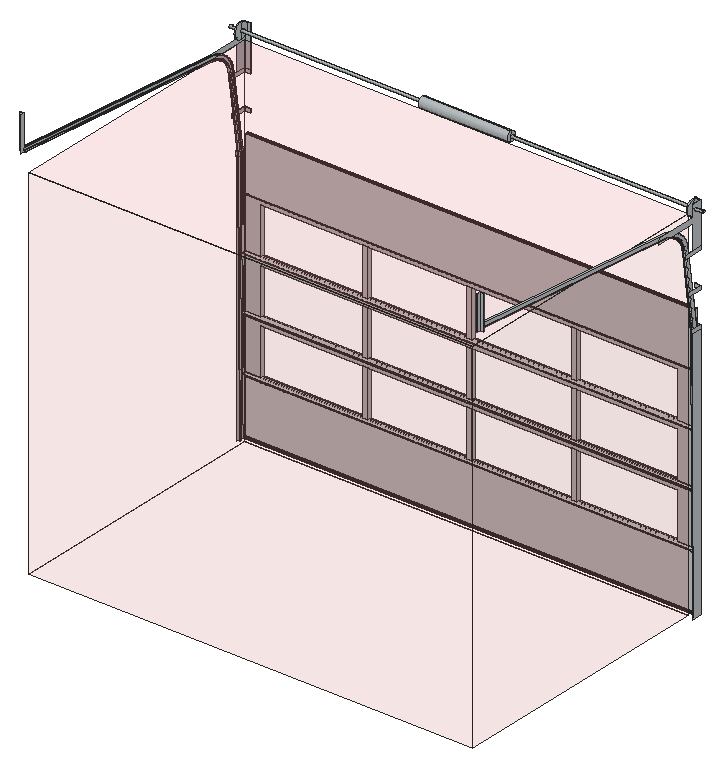
Revit family "Door_SectionalOverhead_RW_Alumatite-HighLift", category Doors, host Wall, Revit 2026
Family settings
  Host = Wall
  Classification Number = 23.30.10.17.37.14
  Always vertical = Yes
  Cut with Voids When Loaded = No
  Shared = No
  Room Calculation Point = No
Parameters (values of type "ByType")
  Wind Load = ""
  Water Penetration = ""
  Track Backroom [instance] = Height * cos(Pitch)  # 9' - 1.58142"
  Track Headroom [instance] = 12' - 2"
  Sway Brace Height [instance] = 1' - 0"
  Standard Top [instance] = not(Solid Top Panel)  # no
  Standard Bottom [instance] = not(Solid Bottom Panel)  # no
  Spring Width = Width + 1' 0"  # 16' - 0"
  Spring Length = 3' - 0"
  Spring Ht [instance] = Height + High Lift + 0' 3"  # 12' - 5"
  Sound Transmission Class (STC) = 0
  Solid Top Panel [instance] = yes
  Solid Bottom Panel [instance] = yes
  Shaft Diameter = 0' - 1"
  Revision = "R1_12-2011"
  RO Offset = 0' - 0"
  Pitch [instance] = 5.00°
  Panels = if(Height < 8' 2", 4, if(Height < 10' 2", 5, if(Height < 12' 2", 6, if(Height < 14' 2", 7, 8))))  # 5
  Panel Material - Interior = Metal - Steel - Richards Wilcox - Painted - Silver - Ribbed
  Panel Material - Exterior = Metal - Steel - Richards Wilcox - Painted - Silver - Multi-Rib
  Panel Height = Height / Panels  # 1' - 10"
  Include Generic Ceiling Angle [instance] = yes
  High Lift [instance] = 3' - 0"
  Hardware Finish = Metal - Steel - Richards Wilcox - Galvanized
  Glass Thickness [instance] = 0' - 0 1/2"
  Function = Interior
  Frame Thickness = 0' - 4 3/4"
  Double End Roller Brackets [instance] = yes
  Door Glazing = Glazing - Richards Wilcox - Clear
  Define Thermal Properties by = Schematic Type
  Curve Radius = 1' - 0"
  Clearance Visible [instance] = yes
  Clearance Material [instance] = Clearance
  CE Compliant = no
  Building Code Conformance = ""
  ArrayPanels [instance] = Panels - 2  # 3
  Analytic Construction = "<None>"
  Aluminum Material = Metal - Aluminum - Richards Wilcox - Anodized - Clear
  Air Infiltration = ""
  ASTM Conformance = ""
  Panel Width = Width + 0' 2"  # 15' - 2"
  Manufacturer Phone = "905-625-0037 "
  Warranty Duration (Years) = 0
  URL = "http://www.rwdoors.com/"
  Thickness = 0' - 1 1/2"
  Test Data = ""
  Specification = "http://www.arcat.com/sd/clients/richwilc.html?coid=43101"
  SpecWizard = "http://www.arcat.com/specwizard/clients/richwilc.html?coid=43101"
  Send Message = "http://www.arcat.com/users.pl?action=UserEmail&company=Richards-Wilcox%20Canada&coid=43101&rep=119&fax=905-625-0057&mf="
  Sales Information = "http://www.rwdoors.com/residential/en/contact.php"
  Rough Width = (Width + (RO Offset * 2))  # 15' - 0"
  Rough Height = (Height + (RO Offset))  # 9' - 2"
  R_Value = 0
  Product Properties = ""
  Product Data = "http://www.arcat.com/arcatcos/cos43/arc43101.html"
  Manufacturer Website = "http://www.rwdoors.com/"
  Manufacturer Phone - Toll Free = ""
  Manufacturer Fax = "905-625-0057"
  Manufacturer Address = "5100 Timberlea Blvd. Mississauga, ON Canada L4W 2S5\r\n"
  Maintenance Schedule (Months) = 0
  Installation-Fabrication = "http://www.rwdoors.com/"
  Installation Phase = ""
  Green Building-LEED = "http://www.arcat.com/green/clients/leed_data_43101.html"
  Model = "As Specified"
  Manufacturer = "Richards-Wilcox Canada"
  Keynote = "08360"
  Height = 9' - 2"
  Wall Closure = By host
  Width = 15' - 0"
  Fire Rating = ""
  Expected Lifespan (Years) = 0
  Drawn By = "Sumex Design, Inc. / Robert S. Weygant, CSI, CDT, SCIP"
  Description = "Richards-Wilcox Overhead Door as Specified"
  Copyright = "©Arcat Inc."
  Construction Details = "http://www.arcat.com/details/richwilc/richwilc.html?coid=43101"
  Building Codes = ""
  Assembly Code = "B2030410"
  ADA Compliant = yes
  AAMA Designation = ""
  3in Track [instance] = no
Reference planes (in)
  plane 1 "Center (Front/Back)": y = -33.96225
  plane 2 "Center (Left/Right)": x = 64.28704
  plane 3: z = 0
  plane 4 "Right": x = 154.28704
  plane 5 "Left": x = -25.71296
  plane 6: z = 0
  plane 7 "Top of Frame": z = 110
  plane 8 "RO Top": z = 110
  plane 9 "RO Right": x = 154.28704
  plane 10 "RO Left": x = -25.71296
  plane 11 "Exterior Wall Face": y = -30.96225
  plane 12 "Interior Wall Face": y = -36.96225
  plane 13: y = -37.08725
  plane 14: z = 23
  plane 15: z = 45
  plane 16: z = 1
  plane 17: y = -39.96225
  plane 18: z = 146
  plane 19: y = -149.54366
Forms (in)
  Extrusion 1, solid, material "Rubber - Richards Wilcox - Black"
    sketch origin (-25.71296, 0, 0) x (0, 0, 1) y (0, 1, 0)
      loop
        arc (0.625, -37.21225) -> (0, -37.83725) -> (0.625, -38.46225) r 0.625
        line (0.625, -38.46225) -> (1, -38.46225) -> (1, -37.21225) -> (0.625, -37.21225)
    from 1 to -181
  Extrusion 2, solid, material "Clearance" <- "Clearance Material", visible <- "Clearance Visible"
    sketch origin (-0.5, 8.8716, 17.61221) x (0, 1, 0) y (0, 0, 1)
      loop
        line (-48.83384, 128.38779) -> (-158.41526, 128.38779) -> (-158.41526, -17.61221) -> (-48.83384, -17.61221) -> (-48.83384, 128.38779)
    from -25.21296 to 154.78704
Lines and regions (in)
  Opening 1
    outline origin (-109.33485, -36.96225, 0) x (1, 0, 0) y (0, 0, 1)
      loop
        line (83.62189, 0) -> (263.62189, 0) -> (263.62189, 110) -> (83.62189, 110) -> (83.62189, 0)
Text (in)
  text "Exterior" at (50.54558, 62.1328, 0), in view "A101 - Plan View"
  text "Interior" at (50.54558, -116.72319, 0), in view "A101 - Plan View"
  text "Exterior" at (0, -17.98638, 123.01588), in view "Right"
  text "Interior" at (0, -64.39139, 123.01588), in view "Right"
  text "Interior" at (0, -52.09468, 121.14095), in view "Left"
  text "Exterior" at (0, 26.35325, 123.00693), in view "Left"
Dimensions and locks (in)
  equal spacing: plane 4 "Right", plane 2 "Center (Left/Right)", plane 5 "Left"
  "Width": plane 5 "Left" to plane 4 "Right"
  "Height": level to plane 7 "Top of Frame"
  "RO Offset": plane 5 "Left" to plane 10 "RO Left"
  "RO Offset": plane 9 "RO Right" to plane 4 "Right"
  "RO Offset": plane 8 "RO Top" to plane 7 "Top of Frame"
  locked: plane 13 to plane 12 "Interior Wall Face" at 0.125
  "Panel Height": plane 16 to plane 14
  "Panel Height": plane 14 to plane 15
  locked: level to plane 16 at 1
  locked: plane 4 "Right" to Extrusion 1 at 1
  locked: plane 12 "Interior Wall Face" to plane 17 at 3
  "Spring Ht": level to nested 5
  equal spacing: group 1, group 2, group 3  (x3)
  "Height": plane 16 to nested 2
  "Height": plane 16 to nested 10
  "Track Headroom": plane 18 to level
  "Track Backroom": plane 19 to plane 17
  aligned and locked: host wall to plane 1 "Center (Front/Back)"
  aligned and locked: Opening 1 sketch curve to level
  aligned and locked: plane 9 "RO Right" to Opening 1 sketch curve
  aligned and locked: plane 10 "RO Left" to Opening 1 sketch curve
  aligned and locked: Opening 1 sketch curve to plane 8 "RO Top"
  aligned and locked: host wall to plane 11 "Exterior Wall Face"
  aligned and locked: host wall to plane 12 "Interior Wall Face"
  aligned and locked: plane 2 "Center (Left/Right)" to nested 1
  aligned and locked: nested 1 to plane 13
  aligned and locked: plane 16 to nested 1
  aligned and locked: plane 2 "Center (Left/Right)" to nested 2
  aligned and locked: plane 13 to nested 2
  aligned and locked: nested 4 to plane 4 "Right"
  aligned and locked: nested 3 to plane 5 "Left"
  aligned and locked: nested 3 to plane 12 "Interior Wall Face"
  aligned and locked: nested 4 to plane 12 "Interior Wall Face"
  aligned and locked: plane 2 "Center (Left/Right)" to nested 5
  aligned and locked: plane 2 "Center (Left/Right)" to nested 6
  aligned and locked: plane 2 "Center (Left/Right)" to nested 7
  aligned and locked: plane 14 to nested 6
  aligned and locked: plane 15 to nested 7
  aligned and locked: plane 16 to nested 9
  aligned and locked: plane 2 "Center (Left/Right)" to nested 9
  aligned and locked: nested 9 to plane 13
  aligned and locked: plane 2 "Center (Left/Right)" to nested 10
  aligned and locked: plane 13 to nested 10
  aligned and locked: plane 13 to nested 6
  aligned and locked: plane 13 to nested 7
  aligned and locked: Extrusion 2 to plane 4 "Right"
  aligned and locked: plane 5 "Left" to Extrusion 2
  aligned and locked: plane 6 to Extrusion 2
  aligned and locked: Extrusion 2 sketch curve to plane 18
  aligned and locked: Extrusion 2 sketch curve to plane 19
  aligned and locked: Extrusion 2 sketch curve to plane 17
Automatic sketch dimensions
  Extrusion 1 sketch curve to plane 16 = 0' - 0"
  Extrusion 1 sketch curve to Extrusion 1 sketch curve = 0' - 0 3/8"
  Extrusion 1 sketch curve to plane 13 = 0' - 0 1/8"
  Extrusion 1 sketch curve to Extrusion 1 sketch curve = 0' - 0 5/8"
  Extrusion 2 sketch curve to plane 14 = 1' - 11"
Nested families (in)
  nested 1: "Panel_FullView" at (64.28704, -37.83725, 1), Glass Type <- "Door Glazing", Unit Width <- "Panel Width", Unit Height <- "Panel Height", Unit Depth <- "Thickness", Glass Thickness <- "Glass Thickness", Double End Roller Brackets <- "Double End Roller Brackets", visible <- "Standard Bottom", type "Panel_FullView"
    with offset 0' - 0", Unit Width 15' - 2", Unit Height 1' - 10", Unit Depth 0' - 1 1/2", Top Panel no, Stile Width_Sides 0' - 6 3/8", Spc 3' - 6 5/16", SingleMullion no, Rail Width_Top 0' - 1 5/8", Rail Width_Bottom 0' - 3 3/8", MultiMullion yes, Muls Actual 3, Mullion Height 1' - 5", Glass Type Glazing - Richards Wilcox - Clear, Glass Thickness 0' - 0 1/2", Double End Roller Brackets yes, Bottom Panel yes, # Mullions 3
  nested 2: "Panel_FullView" at (64.28704, -37.83725, 89), Glass Type <- "Door Glazing", Unit Width <- "Panel Width", Unit Height <- "Panel Height", Unit Depth <- "Thickness", Glass Thickness <- "Glass Thickness", Double End Roller Brackets <- "Double End Roller Brackets", visible <- "Standard Top", type "Panel_FullView"
    with offset 0' - 0", Unit Width 15' - 2", Unit Height 1' - 10", Unit Depth 0' - 1 1/2", Top Panel yes, Stile Width_Sides 0' - 6 3/8", Spc 3' - 6 5/16", SingleMullion no, Rail Width_Top 0' - 3 3/8", Rail Width_Bottom 0' - 1 5/8", MultiMullion yes, Muls Actual 3, Mullion Height 1' - 5", Glass Type Glazing - Richards Wilcox - Clear, Glass Thickness 0' - 0 1/2", Double End Roller Brackets yes, Bottom Panel no, # Mullions 3
  nested 3: "Track_HighLift" at (-25.71296, -36.96225, 0), Sway Bracing Height <- "Sway Brace Height", High Lift <- "High Lift", Curve Radius <- "Curve Radius", 3in Track <- "3in Track", Material <- "Hardware Finish", Pitch <- "Pitch", Unit Height <- "Height", type "Track_HighLift"
    with offset 0' - 0", VOffset 0' - 3.28496", Unit Height 9' - 2", Track Length 8' - 2", Track Depth 0' - 2", Sway Bracing Height 1' - 0", RadVertOffset 0' - 1.04587", RadOffsetH 0' - 0.04566", Pitch Height 0' - 8.54126", Pitch 5.00°, Material Metal - Steel - Richards Wilcox - Galvanized, High Lift 3' - 0", Curve V 0' - 10.74566", Curve Radius 1' - 0", Curve H 0' - 11.93426", Back Distance 8' - 1.62708", A 0' - 1 1/2", 3in Track no
  nested 4: "Track_HighLift" at (154.28704, -36.96225, 0) x (-1, 0, 0) z (0, 0, 1), Sway Bracing Height <- "Sway Brace Height", High Lift <- "High Lift", Curve Radius <- "Curve Radius", 3in Track <- "3in Track", Material <- "Hardware Finish", Pitch <- "Pitch", Unit Height <- "Height", type "Track_HighLift"
    with offset 0' - 0", VOffset 0' - 3.28496", Unit Height 9' - 2", Track Length 8' - 2", Track Depth 0' - 2", Sway Bracing Height 1' - 0", RadVertOffset 0' - 1.04587", RadOffsetH 0' - 0.04566", Pitch Height 0' - 8.54126", Pitch 5.00°, Material Metal - Steel - Richards Wilcox - Galvanized, High Lift 3' - 0", Curve V 0' - 10.74566", Curve Radius 1' - 0", Curve H 0' - 11.93426", Back Distance 8' - 1.62708", A 0' - 1 1/2", 3in Track no
  nested 5: "Spring" at (64.28704, -39.96225, 149) x (1, 0, 0) z (0, -1, 0), Material <- "Hardware Finish", Unit Width <- "Spring Width", Spring Length <- "Spring Length", type "Spring"
    with offset 0' - 0", Unit Width 16' - 0", Spring Length 3' - 0", Material Metal - Steel - Richards Wilcox - Galvanized
  nested 6: "Panel_FullView" at (64.28704, -37.83725, 23), Glass Type <- "Door Glazing", Unit Width <- "Panel Width", Unit Height <- "Panel Height", Unit Depth <- "Thickness", Glass Thickness <- "Glass Thickness", Double End Roller Brackets <- "Double End Roller Brackets", type "Panel_FullView"
    with offset 0' - 0", Unit Width 15' - 2", Unit Height 1' - 10", Unit Depth 0' - 1 1/2", Top Panel no, Stile Width_Sides 0' - 6 3/8", Spc 3' - 6 5/16", SingleMullion no, Rail Width_Top 0' - 1 5/8", Rail Width_Bottom 0' - 1 5/8", MultiMullion yes, Muls Actual 3, Mullion Height 1' - 6 3/4", Glass Type Glazing - Richards Wilcox - Clear, Glass Thickness 0' - 0 1/2", Double End Roller Brackets yes, Bottom Panel no, # Mullions 3
  nested 7: "Panel_FullView" at (64.28704, -37.83725, 45), Glass Type <- "Door Glazing", Unit Width <- "Panel Width", Unit Height <- "Panel Height", Unit Depth <- "Thickness", Glass Thickness <- "Glass Thickness", Double End Roller Brackets <- "Double End Roller Brackets", type "Panel_FullView"
    with offset 0' - 0", Unit Width 15' - 2", Unit Height 1' - 10", Unit Depth 0' - 1 1/2", Top Panel no, Stile Width_Sides 0' - 6 3/8", Spc 3' - 6 5/16", SingleMullion no, Rail Width_Top 0' - 1 5/8", Rail Width_Bottom 0' - 1 5/8", MultiMullion yes, Muls Actual 3, Mullion Height 1' - 6 3/4", Glass Type Glazing - Richards Wilcox - Clear, Glass Thickness 0' - 0 1/2", Double End Roller Brackets yes, Bottom Panel no, # Mullions 3
  nested 8: "Panel_FullView" at (64.28704, -37.83725, 67), Glass Type <- "Door Glazing", Unit Width <- "Panel Width", Unit Height <- "Panel Height", Unit Depth <- "Thickness", Glass Thickness <- "Glass Thickness", Double End Roller Brackets <- "Double End Roller Brackets", type "Panel_FullView"
    with offset 0' - 0", Unit Width 15' - 2", Unit Height 1' - 10", Unit Depth 0' - 1 1/2", Top Panel no, Stile Width_Sides 0' - 6 3/8", Spc 3' - 6 5/16", SingleMullion no, Rail Width_Top 0' - 1 5/8", Rail Width_Bottom 0' - 1 5/8", MultiMullion yes, Muls Actual 3, Mullion Height 1' - 6 3/4", Glass Type Glazing - Richards Wilcox - Clear, Glass Thickness 0' - 0 1/2", Double End Roller Brackets yes, Bottom Panel no, # Mullions 3
  nested 9: "Panel_Standard" at (64.28704, -37.83725, 1), Glass Type <- "Door Glazing", Unit Width <- "Panel Width", Unit Height <- "Panel Height", Unit Depth <- "Thickness", Glass Thickness <- "Glass Thickness", visible <- "Solid Bottom Panel", type "No Windows"
    with Void Space 3' - 9 1/2", Void CL 1' - 10 3/4", Unit Width 15' - 2", Unit Height 1' - 10", Unit Depth 0' - 1 1/2", Glass Type Glazing - Richards Wilcox - Clear, Glass Thickness 0' - 0 1/2", # Windows 4, Window Width 1' - 0", Window Height 0' - 8", Windows no, VoidDepth 0' - 0 1/2"
  nested 10: "Panel_Standard" at (64.28704, -37.83725, 89), Glass Type <- "Door Glazing", Unit Width <- "Panel Width", Unit Height <- "Panel Height", Unit Depth <- "Thickness", Glass Thickness <- "Glass Thickness", visible <- "Solid Top Panel", type "No Windows"
    with Void Space 3' - 9 1/2", Void CL 1' - 10 3/4", Unit Width 15' - 2", Unit Height 1' - 10", Unit Depth 0' - 1 1/2", Glass Type Glazing - Richards Wilcox - Clear, Glass Thickness 0' - 0 1/2", # Windows 4, Window Width 1' - 0", Window Height 0' - 8", Windows no, VoidDepth 0' - 0 1/2"
Definition of nested family "Panel_FullView"
  Parameters
    offset [instance] = 0' - 0"
    Top Panel [instance] = no
    Spc [instance] = (Unit Width - (Stile Width_Sides * 2)) / (# Mullions + 1)  # 4' - 1 5/16"
    SingleMullion [instance] = # Mullions = 1  # no
    Rail Width_Top [instance] = if(Top Panel, 0' 3 3/8", 0' 1 5/8")  # 0' - 1 5/8"
    Stile Width_Sides [instance] = if(Double End Roller Brackets, 0' 6 3/8", 0' 3 3/8")  # 0' - 3 3/8"
    Rail Width_Bottom [instance] = if(Bottom Panel, 0' 3 3/8", 0' 1 5/8")  # 0' - 1 5/8"
    MultiMullion [instance] = # Mullions > 1  # yes
    Muls Actual [instance] = if(# Mullions > 1, # Mullions, 2)  # 3
    Mullion Width = 0' - 2"
    Mullion Height [instance] = Unit Height - Rail Width_Top - Rail Width_Bottom  # 1' - 8 3/4"
    Glass Thickness [instance] = 0' - 0 1/2"
    Double End Roller Brackets [instance] = no
    Bottom Panel [instance] = no
    # Mullions [instance] = if(Unit Width < 9' 3", 1, if(Unit Width < 12' 3", 2, 3))  # 3
    Warranty Duration (Years) = 0
    Unit Width [instance] = 17' - 0"
    Unit Height [instance] = 2' - 0"
    Unit Depth [instance] = 0' - 1 1/2"
    URL = "http://www.rwdoors.com/"
    Specification = "http://www.arcat.com/sd/clients/richwilc.html?coid=43101"
    SpecWizard = "http://www.arcat.com/specwizard/clients/richwilc.html?coid=43101"
    Send Message = "http://www.arcat.com/users.pl?action=UserEmail&company=Richards-Wilcox%20Canada&coid=43101&rep=119&fax=905-625-0057&mf="
    Sales Information = "http://www.rwdoors.com/residential/en/contact.php"
    Revision = "R1_12-2011"
    Product Properties = ""
    Product Data = "http://www.arcat.com/arcatcos/cos43/arc43101.html"
    Model = "As Specified"
    Manufacturer Website = "http://www.rwdoors.com/"
    Manufacturer Phone - Toll Free = ""
    Manufacturer Phone = "905-625-0037 "
    Manufacturer Fax = "905-625-0057"
    Manufacturer Address = "5100 Timberlea Blvd. Mississauga, ON Canada L4W 2S5"
    Manufacturer = "Richards-Wilcox Canada"
    Maintenance Schedule (Months) = 0
    Keynote = "08360"
    Installation-Fabrication = "http://www.rwdoors.com/"
    Installation Phase = ""
    Green Building-LEED = "http://www.arcat.com/green/clients/leed_data_43101.html"
    Glass Type [instance] = none
    Frame Material = none
    Expected Lifespan (Years) = 0
    Drawn By = "Sumex Design, Inc. / Robert S. Weygant, CSI, CDT, SCIP"
    Description = "Richards-Wilcox Overhead Door as Specified"
    Copyright = "©Arcat Inc."
    Construction Details = "http://www.arcat.com/details/richwilc/richwilc.html?coid=43101"
    Assembly Code = "B2030410"
  Reference planes (in)
    plane 1 "Center (Front/Back)": y = 0
    plane 2 "Bottom": z = 0
    plane 3 "Center (Left/Right)": x = 0
    plane 4 "Front": y = -0.75
    plane 5 "Back": y = 0.75
    plane 6 "Left": x = -102
    plane 7 "Right": x = 102
    plane 8 "Top": z = 24
    plane 9: z = 12
    plane 10: z = 22.375
    plane 11: z = 1.625
    plane 12: x = -98.625
    plane 13: x = 98.625
    plane 14: y = -0.25
    plane 15: y = 0.25
  Forms (in)
    Extrusion 1, solid, material <- "Frame Material"
      sketch origin (-11.94222, 0.75, 48) x (-1, 0, 0) y (0, 0, 1)
        loop
          line (90.05778, -24) -> (-113.94222, -24) -> (-113.94222, -48) -> (90.05778, -48) -> (90.05778, -24)
        loop
          line (-110.56722, -46.375) -> (86.68278, -46.375) -> (86.68278, -25.625) -> (-110.56722, -25.625) -> (-110.56722, -46.375)
      from 0 to -1.5
    Extrusion 2, solid, material <- "Glass Type"
      sketch origin (0, 0.25, 21.375) x (0, 0, -1) y (-1, 0, 0)
        loop
          line (-1, 98.625) -> (-1, -98.625) -> (19.75, -98.625) -> (19.75, 98.625) -> (-1, 98.625)
      from -0.5 to 0
    Extrusion 3, solid, material <- "Frame Material"
      sketch origin (-102, 16.34522, 48) x (0, 1, 0) y (0, 0, 1)
        loop
          line (-17.09522, -46.375) -> (-18.84522, -46.375) -> (-18.84522, -46.48) -> (-17.09522, -46.48) -> (-17.09522, -46.375)
      from 0 to 204
  Cuts and joins
    joined: Extrusion 1, Extrusion 3
  Dimensions and locks (in)
    equal spacing: plane 6 "Left", plane 3 "Center (Left/Right)", plane 7 "Right"
    "Unit Width": plane 6 "Left" to plane 7 "Right"
    equal spacing: plane 5 "Back", plane 1 "Center (Front/Back)", plane 4 "Front"
    "Unit Depth": plane 5 "Back" to plane 4 "Front"
    "Unit Height": plane 8 "Top" to level
    equal spacing: plane 8 "Top", plane 9, level
    "Stile Width_Sides": plane 7 "Right" to plane 13
    "Stile Width_Sides": plane 12 to plane 6 "Left"
    "Rail Width_Top": plane 8 "Top" to plane 10
    "Rail Width_Bottom": plane 11 to level
    equal spacing: group 1, group 3, group 2  (x3)
    "Spc": plane 12 to nested 1
    "Spc": nested 2 to plane 13
    equal spacing: plane 15, plane 1 "Center (Front/Back)", plane 14
    "Glass Thickness": plane 15 to plane 14
    aligned and locked: Extrusion 1 to plane 4 "Front"
    aligned and locked: plane 7 "Right" to Extrusion 3
    aligned and locked: plane 1 "Center (Front/Back)" to nested 1
    aligned and locked: plane 1 "Center (Front/Back)" to nested 2
    aligned and locked: plane 11 to nested 2
    aligned and locked: plane 11 to nested 1
    aligned and locked: Extrusion 2 to plane 14
    aligned and locked: plane 11 to nested 4
    aligned and locked: plane 3 "Center (Left/Right)" to nested 4
    aligned and locked: plane 1 "Center (Front/Back)" to nested 4
  Automatic sketch dimensions
    Extrusion 1 sketch curve to plane 7 "Right" = 0' - 0"
    Extrusion 1 sketch curve to plane 10 = 0' - 0"
    Extrusion 1 sketch curve to plane 13 = 0' - 0"
    Extrusion 1 sketch curve to plane 11 = 0' - 0"
    Extrusion 1 sketch curve to plane 12 = 0' - 0"
    Extrusion 1 sketch curve to plane 6 "Left" = 0' - 0"
    Extrusion 1 sketch curve to level = 0' - 0"
    Extrusion 1 sketch curve to plane 8 "Top" = 0' - 0"
    Extrusion 3 sketch curve to plane 11 = 0' - 0"
    Extrusion 3 sketch curve to plane 4 "Front" = 0' - 0"
    Extrusion 3 sketch curve to plane 11 = 0' - 0.105"
    Extrusion 3 sketch curve to plane 4 "Front" = 0' - 1 3/4"
    Extrusion 2 sketch curve to plane 10 = 0' - 0"
    Extrusion 2 sketch curve to plane 11 = 0' - 0"
    Extrusion 2 sketch curve to plane 13 = 0' - 0"
    Extrusion 2 sketch curve to plane 12 = 0' - 0"
  Nested families (in)
    nested 1: "Mullion" at (-49.3125, 0, 1.625), Material <- "Frame Material", Unit Width <- "Mullion Width", Unit Height <- "Mullion Height", Unit Depth <- "Unit Depth", visible <- "MultiMullion", type "Mullion"
      with offset 0' - 0", Unit Width 0' - 2", Unit Height 1' - 8 3/4", Unit Depth 0' - 1 1/2", Material none
    nested 2: "Mullion" at (49.3125, 0, 1.625), Material <- "Frame Material", Unit Width <- "Mullion Width", Unit Height <- "Mullion Height", Unit Depth <- "Unit Depth", visible <- "MultiMullion", type "Mullion"
      with offset 0' - 0", Unit Width 0' - 2", Unit Height 1' - 8 3/4", Unit Depth 0' - 1 1/2", Material none
    nested 3: "Mullion" at (0, 0, 1.625), Material <- "Frame Material", Unit Width <- "Mullion Width", Unit Height <- "Mullion Height", Unit Depth <- "Unit Depth", visible <- "MultiMullion", type "Mullion"
      with offset 0' - 0", Unit Width 0' - 2", Unit Height 1' - 8 3/4", Unit Depth 0' - 1 1/2", Material none
    nested 4: "Mullion" at (0, 0, 1.625), Material <- "Frame Material", Unit Width <- "Mullion Width", Unit Height <- "Mullion Height", Unit Depth <- "Unit Depth", visible <- "SingleMullion", type "Mullion"
      with offset 0' - 0", Unit Width 0' - 2", Unit Height 1' - 8 3/4", Unit Depth 0' - 1 1/2", Material none
  Definition of nested family "Mullion"
    Parameters
      offset [instance] = 0' - 0"
      Warranty Duration (Years) = 0
      Unit Width [instance] = 0' - 2"
      Unit Height [instance] = 2' - 0"
      Unit Depth [instance] = 0' - 1 1/2"
      URL = "http://www.rwdoors.com/"
      Specification = "http://www.arcat.com/sd/clients/richwilc.html?coid=43101"
      SpecWizard = "http://www.arcat.com/specwizard/clients/richwilc.html?coid=43101"
      Send Message = "http://www.arcat.com/users.pl?action=UserEmail&company=Richards-Wilcox%20Canada&coid=43101&rep=119&fax=905-625-0057&mf="
      Sales Information = "http://www.rwdoors.com/residential/en/contact.php"
      Revision = "R1_12-2011"
      Product Properties = ""
      Product Data = "http://www.arcat.com/arcatcos/cos43/arc43101.html"
      Model = "As Specified"
      Material [instance] = none
      Manufacturer Website = "http://www.rwdoors.com/"
      Manufacturer Phone - Toll Free = ""
      Manufacturer Phone = "905-625-0037 "
      Manufacturer Fax = "905-625-0057"
      Manufacturer Address = "5100 Timberlea Blvd. Mississauga, ON Canada L4W 2S5"
      Manufacturer = "Richards-Wilcox Canada"
      Maintenance Schedule (Months) = 0
      Keynote = "08360"
      Installation-Fabrication = "http://www.rwdoors.com/"
      Installation Phase = ""
      Green Building-LEED = "http://www.arcat.com/green/clients/leed_data_43101.html"
      Expected Lifespan (Years) = 0
      Drawn By = "Sumex Design, Inc. / Robert S. Weygant, CSI, CDT, SCIP"
      Description = "Richards-Wilcox Overhead Door as Specified"
      Default Elevation = 4' - 0"
      Copyright = "©Arcat Inc."
      Construction Details = "http://www.arcat.com/details/richwilc/richwilc.html?coid=43101"
      Assembly Code = "B2030410"
    Reference planes (in)
      plane 1 "Center (Front/Back)": y = 0
      plane 2 "Bottom": z = 0
      plane 3 "Center (Left/Right)": x = 0
      plane 4 "Front": y = -0.75
      plane 5 "Back": y = 0.75
      plane 6 "Left": x = -1
      plane 7 "Right": x = 1
      plane 8 "Top": z = 24
    Forms (in)
      Extrusion 1, solid, material <- "Material"
        sketch origin (0, 0, 0) x (1, 0, 0) y (0, 1, 0)
          loop
            line (-1, 0.75) -> (-1, -0.75) -> (1, -0.75) -> (1, 0.75) -> (-1, 0.75)
        from 0 to 24
    Dimensions and locks (in)
      equal spacing: plane 6 "Left", plane 3 "Center (Left/Right)", plane 7 "Right"
      "Unit Width": plane 6 "Left" to plane 7 "Right"
      equal spacing: plane 5 "Back", plane 1 "Center (Front/Back)", plane 4 "Front"
      "Unit Depth": plane 5 "Back" to plane 4 "Front"
      "Unit Height": plane 8 "Top" to level
      aligned and locked: plane 8 "Top" to Extrusion 1
    Automatic sketch dimensions
      Extrusion 1 sketch curve to plane 4 "Front" = 0' - 0"
      Extrusion 1 sketch curve to plane 6 "Left" = 0' - 0"
      Extrusion 1 sketch curve to plane 7 "Right" = 0' - 0"
      Extrusion 1 sketch curve to plane 5 "Back" = 0' - 0"
Definition of nested family "Track_HighLift"
  Parameters (values of type "Track_HighLift")
    offset [instance] = 0' - 0"
    Warranty Duration (Years) = 0
    VOffset [instance] = (High Lift + 0' 6" - Curve V) / tan(84.00°)  # 0' - 3.28496"
    Unit Height [instance] = 8' - 0"
    Unit Depth = 2' - 8"
    URL = "http://www.rwdoors.com/"
    Track Length [instance] = Unit Height - High Lift + 2' 0"  # 7' - 0"
    Track Depth [instance] = if([3in Track], 0' 3", 0' 2")  # 0' - 2"
    Sway Bracing Height [instance] = 2' - 0"
    Specification = "http://www.arcat.com/sd/clients/richwilc.html?coid=43101"
    SpecWizard = "http://www.arcat.com/specwizard/clients/richwilc.html?coid=43101"
    Send Message = "http://www.arcat.com/users.pl?action=UserEmail&company=Richards-Wilcox%20Canada&coid=43101&rep=119&fax=905-625-0057&mf="
    Sales Information = "http://www.rwdoors.com/residential/en/contact.php"
    Revision = "R1_12-2011"
    RadVertOffset [instance] = Curve Radius * sin(Pitch)  # 0' - 0"
    RadOffsetH [instance] = Curve Radius - (Curve Radius * cos(Pitch))  # 0' - 0"
    Product Properties = ""
    Product Data = "http://www.arcat.com/arcatcos/cos43/arc43101.html"
    Pitch Height [instance] = Back Distance * tan(Pitch)  # 0' - 0"
    Pitch [instance] = 0.00°
    Model = "As Specified"
    Material [instance] = none
    Manufacturer Website = "http://www.rwdoors.com/"
    Manufacturer Phone - Toll Free = ""
    Manufacturer Phone = "905-625-0037 "
    Manufacturer Fax = "905-625-0057"
    Manufacturer Address = "5100 Timberlea Blvd. Mississauga, ON Canada L4W 2S5"
    Manufacturer = "Richards-Wilcox Canada"
    Maintenance Schedule (Months) = 0
    Keynote = "08360"
    Installation-Fabrication = "http://www.rwdoors.com/"
    Installation Phase = ""
    Include Generic Ceiling Angle = yes
    High Lift [instance] = 3' - 0"
    Green Building-LEED = "http://www.arcat.com/green/clients/leed_data_43101.html"
    Expected Lifespan (Years) = 0
    Drawn By = "Sumex Design, Inc. / Robert S. Weygant, CSI, CDT, SCIP"
    Description = "Richards-Wilcox Overhead Door as Specified"
    Define Thermal Properties by = 1
    Curve V [instance] = Curve Radius - (Curve Radius * sin(6.00°))  # 0' - 10.74566"
    Curve Radius [instance] = 1' - 0"
    Curve H [instance] = Curve Radius * cos(6.00°)  # 0' - 11.93426"
    Copyright = "©Arcat Inc."
    Construction Details = "http://www.arcat.com/details/richwilc/richwilc.html?coid=43101"
    Back Distance [instance] = Track Length * cos(Pitch)  # 7' - 0"
    Assembly Code = "B2030410"
    Analytic Construction = "<None>"
    A [instance] = if([3in Track], 0' 2", 0' 1 1/2")  # 0' - 1 1/2"
    3in Track [instance] = no
  Reference planes (in)
    plane 1 "Center (Front/Back)": y = 0
    plane 2 "Bottom": z = 0
    plane 3 "Center (Left/Right)": x = 0
    plane 4 "Front": y = -1.25
    plane 5 "Left": x = -2.5
    plane 6 "Top": z = 96
    plane 7: x = -1
    plane 8: y = -4.125
    plane 9: z = 90
    plane 10: z = 132
    plane 11: z = 121.25434
    plane 12: y = -2.125
    plane 13: y = -5.40996
    plane 14: y = -17.34423
    plane 15: y = -101.34423
    plane 16: z = 120
    plane 17: z = 156
    plane 18: y = -98.34423
    plane 19: z = 105
    plane 20: y = -3.76748
    plane 21: z = 132
    plane 22: y = -17.34423
    plane 23: z = 132
  Forms (in)
    Extrusion 1, solid, material <- "Material"
      sketch origin (0, 0, 0) x (1, 0, 0) y (0, 1, 0)
        loop
          line (0, 0) -> (-2.625, 0) -> (-2.625, -4.125) -> (-2.5, -4.125) -> (-2.5, -0.125) -> (0, -0.125) -> (0, 0)
      from 0 to 90
    Sweep 2, solid, material <- "Material"
      path origin (-2.5, 16.34522, 48) x (0, 1, 0) y (0, 0, 1)
        loop
          line (-17.59522, -48) -> (-18.47022, 42) -> (-21.75518, 73.25434)
          arc (-21.75518, 73.25434) -> (-25.65949, 80.91739) -> (-33.6884, 84) r 12
          line (-33.6884, 84) -> (-114.68945, 84)
      profile "P_Track : P_Track" origin (-2.5, -1.6875, 45) x (0, -0.999953, -0.009722) y (1, 0, 0)
        loop
          arc (1.76293, 0.15319) -> (2, 0.48863) -> (1.76293, 0.82407) r 0.35585
          line (1.76293, 0.82407) -> (1.65236, 0.86323) -> (1.63109, 0.80315) -> (1.74166, 0.76399)
          arc (1.74166, 0.76399) -> (1.93627, 0.48863) -> (1.74166, 0.21327) r 0.29212
          line (1.74166, 0.21327) -> (1.41842, 0.06373) -> (0.06373, 0.06373) -> (0.06373, 0.86041) -> (0, 0.86041) -> (0, 0) -> (1.41842, 0) -> (1.76293, 0.15319)
    Extrusion 3, solid, material <- "Material"
      sketch origin (0, 28.70407, 120) x (0, 1, 0) y (-1, 0, 0)
        loop
          line (-28.70407, 0) -> (-28.70407, 2.625) -> (-32.82907, 2.625) -> (-32.82907, 2.5) -> (-28.82907, 2.5) -> (-28.82907, 0) -> (-28.70407, 0)
      from 0 to 17
    Sweep 4, solid, material <- "Material"
      path origin (-2.5, 16.34522, 48) x (0, 1, 0) y (0, 0, 1)
        loop
          line (-16.47022, 84) -> (-37.68945, 84)
      profile origin (-2.5, -10.73461, 132) x (0, 0, -1) y (1, 0, 0)
        loop
          line (0, 0) -> (0, -0.125) -> (2, -0.125) -> (2, 0) -> (0, 0)
    Sweep 5, solid, material <- "Material", visible <- "Include Generic Ceiling Angle"
      path origin (-2.5, 16.34522, 48) x (0, 1, 0) y (0, 0, 1)
        loop
          line (-114.68945, 82) -> (-114.68945, 108)
      profile origin (-2.5, -98.34423, 143) x (0, -1, 0) y (1, 0, 0)
        loop
          line (0, 0) -> (0, -1.5) -> (0.125, -1.5) -> (0.125, -0.125) -> (1.5, -0.125) -> (1.5, 0) -> (0, 0)
    Extrusion 6, solid, material <- "Material"
      sketch origin (-14.80658, -180, 90) x (-1, 0, 0) y (0, -1, 0)
        loop
          line (-12.30658, -179.875) -> (-14.80658, -179.875) -> (-14.80658, -180) -> (-12.18158, -180) -> (-12.18158, -175.375) -> (-12.30658, -175.375) -> (-12.30658, -179.875)
      from 0 to 1.5
    Extrusion 7, solid, material <- "Material"
      sketch origin (0, 28.70407, 120) x (0, 1, 0) y (-1, 0, 0)
        loop
          line (-28.82907, 2.5) -> (-28.82907, 0) -> (-28.70407, 0) -> (-28.70407, 2.625) -> (-36.61403, 2.625) -> (-36.61403, 2.5) -> (-28.82907, 2.5)
      from 0 to -1.5
    Extrusion 8, solid, material <- "Material"
      sketch origin (0, 6.15666, 105) x (0, 1, 0) y (-1, 0, 0)
        loop
          line (-6.28166, 2.5) -> (-6.28166, 0) -> (-6.15666, 0) -> (-6.15666, 2.625) -> (-12.42414, 2.625) -> (-12.42414, 2.5) -> (-6.28166, 2.5)
      from 0.75 to -0.75
  Cuts and joins
    joined: Extrusion 3, Sweep 4
  Dimensions and locks (in)
    locked: plane 1 "Center (Front/Back)" to plane 4 "Front" at 1.25
    locked: plane 7 to plane 3 "Center (Left/Right)" at 1
    "A": plane 5 "Left" to plane 7
    locked: plane 8 to plane 1 "Center (Front/Back)" at 4.125
    "Unit Height": plane 6 "Top" to level
    locked: plane 6 "Top" to plane 9 at 6
    "High Lift": plane 10 to plane 6 "Top"
    "VOffset": plane 12 to plane 13
    locked: plane 12 to plane 8 at 2
    "Curve V": plane 10 to plane 11
    "Curve Radius": plane 10 to plane 16
    "Back Distance": plane 22 to plane 15
    locked: Extrusion 3 to plane 10 at 5
    locked: plane 18 to plane 15 at 3
    "Sway Bracing Height": plane 17 to plane 21
    equal spacing: plane 16, plane 19, plane 9
    locked: plane 12 to Extrusion 6 sketch curve at 2.5
    locked: plane 13 to Extrusion 7 sketch curve at 2.5
    equal spacing: plane 12, plane 20, plane 13
    locked: plane 20 to Extrusion 8 sketch curve at 2.5
    "Pitch Height": plane 21 to plane 23
    "RadVertOffset": plane 22 to plane 14
    "RadOffsetH": plane 10 to plane 23
    locked: plane 22 to Sweep 4 sketch curve at 4
    "Curve H": plane 22 to plane 13
    "Curve Radius": radius of Sweep 2 sketch curve
    aligned and locked: plane 9 to Extrusion 1
    aligned and locked: plane 14 to Sweep 2 sketch curve
    aligned and locked: plane 16 to Sweep 2 sketch curve
    aligned and locked: plane 18 to Sweep 2 sketch curve
    aligned and locked: plane 21 to Sweep 2 sketch curve
    aligned and locked: plane 23 to Sweep 2 sketch curve
  Automatic sketch dimensions
    Extrusion 1 sketch curve to plane 8 = 0' - 0"
    Extrusion 1 sketch curve to plane 5 "Left" = 0' - 0"
    Extrusion 1 sketch curve to plane 3 "Center (Left/Right)" = 0' - 0"
    Extrusion 1 sketch curve to plane 1 "Center (Front/Back)" = 0' - 0"
    Extrusion 1 sketch curve to plane 5 "Left" = 0' - 0 1/8"
    Extrusion 1 sketch curve to Extrusion 1 sketch curve = 0' - 0 1/8"
    Extrusion 3 sketch curve to plane 5 "Left" = 0' - 0"
    Extrusion 3 sketch curve to plane 8 = 0' - 0"
    Extrusion 3 sketch curve to plane 3 "Center (Left/Right)" = 0' - 0"
    Extrusion 3 sketch curve to plane 1 "Center (Front/Back)" = 0' - 0"
    plane 1 "Center (Front/Back)" to Extrusion 3 sketch curve = 0' - 0 1/8"
    Extrusion 3 sketch curve to plane 5 "Left" = 0' - 0 1/8"
    Sweep 4 sketch curve to profile plane = 0' - 0"
    Sweep 4 sketch curve to plane 5 "Left" = 0' - 0"
    Sweep 4 sketch curve to profile plane = 0' - 2"
    Sweep 4 sketch curve to Sweep 4 sketch curve = 0' - 0 1/8"
    Sweep 5 sketch curve to profile plane = 0' - 0"
    Sweep 5 sketch curve to plane 5 "Left" = 0' - 0"
    Sweep 5 sketch curve to profile plane = 0' - 0 1/8"
    Sweep 5 sketch curve to Sweep 5 sketch curve = 0' - 1 3/8"  (x2)
    Sweep 5 sketch curve to plane 5 "Left" = 0' - 0 1/8"
    Extrusion 6 sketch curve to plane 3 "Center (Left/Right)" = 0' - 0"
    Extrusion 6 sketch curve to plane 5 "Left" = 0' - 0"
    Extrusion 6 sketch curve to plane 1 "Center (Front/Back)" = 0' - 0"
    Extrusion 6 sketch curve to plane 5 "Left" = 0' - 0 1/8"
    plane 1 "Center (Front/Back)" to Extrusion 6 sketch curve = 0' - 0 1/8"
    Extrusion 7 sketch curve to plane 5 "Left" = 0' - 0"
    Extrusion 7 sketch curve to plane 3 "Center (Left/Right)" = 0' - 0"
    Extrusion 7 sketch curve to plane 1 "Center (Front/Back)" = 0' - 0"
    plane 1 "Center (Front/Back)" to Extrusion 7 sketch curve = 0' - 0 1/8"
    Extrusion 7 sketch curve to plane 5 "Left" = 0' - 0 1/8"
    Extrusion 8 sketch curve to plane 5 "Left" = 0' - 0"
    Extrusion 8 sketch curve to plane 3 "Center (Left/Right)" = 0' - 0"
    Extrusion 8 sketch curve to plane 1 "Center (Front/Back)" = 0' - 0"
    plane 1 "Center (Front/Back)" to Extrusion 8 sketch curve = 0' - 0 1/8"
    Extrusion 8 sketch curve to plane 5 "Left" = 0' - 0 1/8"
    Sweep 5 sketch curve to plane 17 = 0' - 0"
    Sweep 5 sketch curve to plane 18 = 0' - 0"
    Sweep 5 sketch curve to plane 21 = 0' - 2"
    Sweep 4 sketch curve to plane 10 = 0' - 0"
    plane 1 "Center (Front/Back)" to Sweep 4 sketch curve = 0' - 0 1/8"
    Sweep 2 sketch curve to plane 11 = 0' - 0"
    Sweep 2 sketch curve to plane 9 = 0' - 0"
    Sweep 2 sketch curve to plane 12 = 0' - 0"
    Sweep 2 sketch curve to level = 0' - 0"
    Sweep 2 sketch curve to plane 4 "Front" = 0' - 0"
Definition of nested family "Spring"
  Parameters
    offset [instance] = 0' - 0"
    Warranty Duration (Years) = 0
    Unit Width [instance] = 10' - 0"
    Unit Height = 0' - 6"
    Unit Depth = Unit Height  # 0' - 6"
    URL = "http://www.rwdoors.com/"
    Spring Length [instance] = 3' - 0"
    Specification = "http://www.arcat.com/sd/clients/richwilc.html?coid=43101"
    SpecWizard = "http://www.arcat.com/specwizard/clients/richwilc.html?coid=43101"
    Shaft Diameter = 0' - 1"
    Send Message = "http://www.arcat.com/users.pl?action=UserEmail&company=Richards-Wilcox%20Canada&coid=43101&rep=119&fax=905-625-0057&mf="
    Sales Information = "http://www.rwdoors.com/residential/en/contact.php"
    Revision = "R1_12-2011"
    Rad = Shaft Diameter / 2  # 0' - 0 1/2"
    Product Properties = ""
    Product Data = "http://www.arcat.com/arcatcos/cos43/arc43101.html"
    Model = "As Specified"
    Material [instance] = none
    Manufacturer Website = "http://www.rwdoors.com/"
    Manufacturer Phone - Toll Free = ""
    Manufacturer Phone = "905-625-0037 "
    Manufacturer Fax = "905-625-0057"
    Manufacturer Address = "5100 Timberlea Blvd. Mississauga, ON Canada L4W 2S5"
    Manufacturer = "Richards-Wilcox Canada"
    Maintenance Schedule (Months) = 0
    Keynote = "08360"
    Installation-Fabrication = "http://www.rwdoors.com/"
    Installation Phase = ""
    Green Building-LEED = "http://www.arcat.com/green/clients/leed_data_43101.html"
    Expected Lifespan (Years) = 0
    Drawn By = "Sumex Design, Inc. / Robert S. Weygant, CSI, CDT, SCIP"
    Description = "Richards-Wilcox Overhead Door as Specified"
    Default Elevation = 4' - 0"
    Copyright = "©Arcat Inc."
    Construction Details = "http://www.arcat.com/details/richwilc/richwilc.html?coid=43101"
    Assembly Code = "B2030410"
  Reference planes (in)
    plane 1 "Center (Front/Back)": y = 0
    plane 2 "Bottom": z = 0
    plane 3 "Center (Left/Right)": x = 0
    plane 4 "Front": y = -3
    plane 5 "Back": y = 3
    plane 6 "Left": x = -60
    plane 7 "Right": x = 60
    plane 8 "Top": z = 6
    plane 9: x = -56
    plane 10: x = 56
    plane 11: x = -18
    plane 12: x = 18
    plane 13: y = -0.5
  Forms (in)
    Revolve 1, solid, material <- "Material"
      sketch origin (0, 0, 0) x (1, 0, 0) y (0, 1, 0)
        loop
          line (-60, 0) -> (-60, -0.5) -> (-56, -0.5) -> (-56, -3) -> (-55.5, -3) -> (-55.5, -0.5) -> (-18, -0.5) -> (-18, -2) -> (18, -2) -> (18, -0.5) -> (55.5, -0.5) -> (55.5, -3) -> (56, -3) -> (56, -0.5) -> (60, -0.5) -> (60, 0) -> (-60, 0)
        axis (-60, 0) -> (60, 0)
      angle from 0 to 360
  Dimensions and locks (in)
    equal spacing: plane 6 "Left", plane 3 "Center (Left/Right)", plane 7 "Right"
    "Unit Width": plane 6 "Left" to plane 7 "Right"
    equal spacing: plane 5 "Back", plane 1 "Center (Front/Back)", plane 4 "Front"
    "Unit Height": plane 5 "Back" to plane 4 "Front"
    "Unit Depth": plane 8 "Top" to level
    locked: plane 10 to plane 7 "Right" at 4
    locked: plane 6 "Left" to plane 9 at 4
    equal spacing: plane 11, plane 3 "Center (Left/Right)", plane 12
    "Spring Length": plane 11 to plane 12
    "Rad": plane 13 to plane 1 "Center (Front/Back)"
  Automatic sketch dimensions
    Revolve 1 sketch curve to plane 1 "Center (Front/Back)" = 0' - 0"  (x2)
    Revolve 1 sketch curve to plane 6 "Left" = 0' - 0"
    Revolve 1 sketch curve to plane 9 = 0' - 0"
    Revolve 1 sketch curve to plane 4 "Front" = 0' - 0"  (x2)
    Revolve 1 sketch curve to plane 13 = 0' - 0"  (x4)
    Revolve 1 sketch curve to plane 11 = 0' - 0"
    Revolve 1 sketch curve to plane 12 = 0' - 0"
    Revolve 1 sketch curve to plane 10 = 0' - 0"
    Revolve 1 sketch curve to plane 7 "Right" = 0' - 0"
    Revolve 1 sketch curve to Revolve 1 sketch curve = 0' - 5"
    plane 9 to Revolve 1 sketch curve = 0' - 0 1/2"
    Revolve 1 sketch curve to plane 10 = 0' - 0 1/2"
    plane 7 "Right" to Revolve 1 sketch curve = 0' - 5"
    plane 4 "Front" to Revolve 1 sketch curve = 0' - 1"
Definition of nested family "Panel_Standard"
  Parameters
    offset = 0' - 0"
    Panel Material - Interior = none
    Panel Material - Exterior = none
    Glass Thickness [instance] = 0' - 0 1/2"
    # Windows [instance] = if(Unit Width < 9' 3", 2, if(Unit Width < 12' 3", 3, if(Unit Width < 16' 3", 4, if(Unit Width < 19' 3", 5, if(Unit Width < 24' 3", 6, 7)))))  # 4
    Window Width = 2' - 10"
    Window Height = 1' - 4"
    Windows = yes
    Warranty Duration (Years) = 0
    VoidDepth = if(Windows, 0' 4", 0' 0 1/2")  # 0' - 4"
    Void Space [instance] = Unit Width / # Windows  # 3' - 9"
    Void CL [instance] = Void Space / 2  # 1' - 10 1/2"
    Unit Width [instance] = 15' - 0"
    Unit Height [instance] = 2' - 0"
    Unit Depth [instance] = 0' - 1 1/2"
    URL = "http://www.rwdoors.com/"
    Specification = "http://www.arcat.com/sd/clients/richwilc.html?coid=43101"
    SpecWizard = "http://www.arcat.com/specwizard/clients/richwilc.html?coid=43101"
    Send Message = "http://www.arcat.com/users.pl?action=UserEmail&company=Richards-Wilcox%20Canada&coid=43101&rep=119&fax=905-625-0057&mf="
    Sales Information = "http://www.rwdoors.com/residential/en/contact.php"
    Revision = "R1_12-2011"
    Radius Corner Windows = no
    Product Properties = ""
    Product Data = "http://www.arcat.com/arcatcos/cos43/arc43101.html"
    Model = "As Specified"
    Manufacturer Website = "http://www.rwdoors.com/"
    Manufacturer Phone - Toll Free = ""
    Manufacturer Phone = "905-625-0037 "
    Manufacturer Fax = "905-625-0057"
    Manufacturer Address = "5100 Timberlea Blvd. Mississauga, ON Canada L4W 2S5"
    Manufacturer = "Richards-Wilcox Canada"
    Maintenance Schedule (Months) = 0
    Keynote = "08360"
    Installation-Fabrication = "http://www.rwdoors.com/"
    Installation Phase = ""
    Green Building-LEED = "http://www.arcat.com/green/clients/leed_data_43101.html"
    Glass Type [instance] = none
    Frame Material = none
    Expected Lifespan (Years) = 0
    Drawn By = "Sumex Design, Inc. / Robert S. Weygant, CSI, CDT, SCIP"
    Description = "Richards-Wilcox Overhead Door as Specified"
    Copyright = "©Arcat Inc."
    Construction Details = "http://www.arcat.com/details/richwilc/richwilc.html?coid=43101"
    Assembly Code = "B2030410"
  Reference planes (in)
    plane 1 "Center (Front/Back)": y = 0
    plane 2 "Bottom": z = 0
    plane 3 "Center (Left/Right)": x = 0
    plane 4 "Front": y = -0.75
    plane 5 "Back": y = 0.75
    plane 6 "Left": x = -90
    plane 7 "Right": x = 90
    plane 8 "Top": z = 24
    plane 9: y = -1.75
    plane 10: x = -67.5
    plane 11: x = -22.5
    plane 12: x = 22.5
    plane 13: x = 67.5
    plane 14: x = 112.5
    plane 15: x = 157.5
    plane 16: x = 202.5
    plane 17: z = 12
    plane 18: y = 2.25
  Forms (in)
    Extrusion 1, void
      sketch origin (-32.01201, -1.75, 48) x (1, 0, 0) y (0, 0, 1)
        loop
          line (-52.48799, -28) -> (-52.48799, -44) -> (-18.48799, -44) -> (-18.48799, -28) -> (-52.48799, -28)
      from 0 to -4
    Extrusion 2, void
      sketch origin (-32.01201, -1.75, 48) x (1, 0, 0) y (0, 0, 1)
        loop
          line (-7.48799, -28) -> (-7.48799, -44) -> (26.51201, -44) -> (26.51201, -28) -> (-7.48799, -28)
      from 0 to -4
    Extrusion 3, void
      sketch origin (-32.01201, -1.75, 48) x (1, 0, 0) y (0, 0, 1)
        loop
          line (37.51201, -28) -> (37.51201, -44) -> (71.51201, -44) -> (71.51201, -28) -> (37.51201, -28)
      from 0 to -4
    Extrusion 4, void
      sketch origin (-32.01201, -1.75, 48) x (1, 0, 0) y (0, 0, 1)
        loop
          line (82.51201, -28) -> (82.51201, -44) -> (116.51201, -44) -> (116.51201, -28) -> (82.51201, -28)
      from 0 to -4
    Extrusion 5, void
      sketch origin (-32.01201, -1.75, 48) x (1, 0, 0) y (0, 0, 1)
        loop
          line (127.51201, -28) -> (127.51201, -44) -> (161.51201, -44) -> (161.51201, -28) -> (127.51201, -28)
      from 0 to -4
    Extrusion 6, void
      sketch origin (-32.01201, -1.75, 48) x (1, 0, 0) y (0, 0, 1)
        loop
          line (172.51201, -28) -> (172.51201, -44) -> (206.51201, -44) -> (206.51201, -28) -> (172.51201, -28)
      from 0 to -4
    Extrusion 7, void
      sketch origin (-32.01201, -1.75, 48) x (1, 0, 0) y (0, 0, 1)
        loop
          line (217.51201, -28) -> (217.51201, -44) -> (251.51201, -44) -> (251.51201, -28) -> (217.51201, -28)
      from 0 to -4
    Extrusion 8, solid, material <- "Panel Material - Interior"
      sketch origin (-90, 16.34522, 48) x (0, 1, 0) y (0, 0, 1)
        loop
          line (-16.34522, -24) -> (-16.97022, -24) -> (-17.09522, -24.125) -> (-17.09522, -47.875) -> (-16.97022, -48) -> (-16.34522, -48) -> (-16.34522, -24)
      from 0 to 180
    Extrusion 9, solid, material <- "Panel Material - Exterior"
      sketch origin (-90, 16.34522, 48) x (0, 1, 0) y (0, 0, 1)
        loop
          line (-15.72022, -24) -> (-16.34522, -24) -> (-16.34522, -48) -> (-15.72022, -48) -> (-15.59522, -47.875) -> (-15.59522, -24.125) -> (-15.72022, -24)
      from 0 to 180
  Cuts and joins
    Extrusion 1, Extrusion 2, Extrusion 3, Extrusion 4, Extrusion 5, Extrusion 6, Extrusion 7 cuts Extrusion 8
    Extrusion 1, Extrusion 2, Extrusion 3, Extrusion 4, Extrusion 5, Extrusion 6, Extrusion 7 cuts Extrusion 9
  Dimensions and locks (in)
    equal spacing: plane 6 "Left", plane 3 "Center (Left/Right)", plane 7 "Right"
    "Unit Width": plane 6 "Left" to plane 7 "Right"
    equal spacing: plane 5 "Back", plane 1 "Center (Front/Back)", plane 4 "Front"
    "Unit Depth": plane 5 "Back" to plane 4 "Front"
    "Unit Height": plane 8 "Top" to level
    locked: plane 4 "Front" to plane 9 at 1
    "Void CL": plane 10 to plane 6 "Left"
    "Void Space": plane 11 to plane 10
    "Void Space": plane 12 to plane 11
    "Void Space": plane 13 to plane 12
    "Void Space": plane 14 to plane 13
    "Void Space": plane 15 to plane 14
    "Void Space": plane 16 to plane 15
    equal spacing: plane 8 "Top", plane 17, level
    equal spacing: Extrusion 1 sketch curve, plane 10, Extrusion 1 sketch curve
    "Window Width": Extrusion 1 sketch curve to Extrusion 1 sketch curve
    equal spacing: Extrusion 1 sketch curve, plane 17, Extrusion 1 sketch curve
    "Window Height": Extrusion 1 sketch curve to Extrusion 1 sketch curve
    equal spacing: Extrusion 2 sketch curve, plane 11, Extrusion 2 sketch curve
    "Window Width": Extrusion 2 sketch curve to Extrusion 2 sketch curve
    equal spacing: Extrusion 2 sketch curve, plane 17, Extrusion 2 sketch curve
    "Window Height": Extrusion 2 sketch curve to Extrusion 2 sketch curve
    equal spacing: Extrusion 3 sketch curve, plane 12, Extrusion 3 sketch curve
    "Window Width": Extrusion 3 sketch curve to Extrusion 3 sketch curve
    equal spacing: Extrusion 3 sketch curve, plane 17, Extrusion 3 sketch curve
    "Window Height": Extrusion 3 sketch curve to Extrusion 3 sketch curve
    equal spacing: Extrusion 4 sketch curve, plane 13, Extrusion 4 sketch curve
    "Window Width": Extrusion 4 sketch curve to Extrusion 4 sketch curve
    equal spacing: Extrusion 4 sketch curve, plane 17, Extrusion 4 sketch curve
    "Window Height": Extrusion 4 sketch curve to Extrusion 4 sketch curve
    equal spacing: Extrusion 5 sketch curve, plane 14, Extrusion 5 sketch curve
    "Window Width": Extrusion 5 sketch curve to Extrusion 5 sketch curve
    equal spacing: Extrusion 5 sketch curve, plane 17, Extrusion 5 sketch curve
    "Window Height": Extrusion 5 sketch curve to Extrusion 5 sketch curve
    equal spacing: Extrusion 6 sketch curve, plane 15, Extrusion 6 sketch curve
    equal spacing: Extrusion 6 sketch curve, plane 17, Extrusion 6 sketch curve
    "Window Height": Extrusion 6 sketch curve to Extrusion 6 sketch curve
    "Window Width": Extrusion 6 sketch curve to Extrusion 6 sketch curve
    equal spacing: Extrusion 7 sketch curve, plane 16, Extrusion 7 sketch curve
    "Window Width": Extrusion 7 sketch curve to Extrusion 7 sketch curve
    equal spacing: Extrusion 7 sketch curve, plane 17, Extrusion 7 sketch curve
    "Window Height": Extrusion 7 sketch curve to Extrusion 7 sketch curve
    "VoidDepth": plane 18 to plane 9
    equal spacing: group 1, group 2, group 3, group 4  (x3)
    aligned and locked: plane 18 to Extrusion 1
    aligned and locked: plane 18 to Extrusion 2
    aligned and locked: plane 18 to Extrusion 3
    aligned and locked: plane 18 to Extrusion 4
    aligned and locked: Extrusion 5 to plane 18
    aligned and locked: Extrusion 6 to plane 18
    aligned and locked: Extrusion 7 to plane 18
    aligned and locked: nested 1 to plane 17
    aligned and locked: plane 10 to nested 1
    aligned and locked: plane 11 to nested 2
    aligned and locked: nested 2 to plane 17
    aligned and locked: plane 7 "Right" to Extrusion 8
    aligned and locked: plane 7 "Right" to Extrusion 9
  Automatic sketch dimensions
    Extrusion 8 sketch curve to plane 4 "Front" = 0' - 0"
    Extrusion 8 sketch curve to plane 1 "Center (Front/Back)" = 0' - 0"
    Extrusion 8 sketch curve to plane 8 "Top" = 0' - 0"
    plane 4 "Front" to Extrusion 8 sketch curve = 0' - 0 1/8"  (x2)
    level to Extrusion 8 sketch curve = 0' - 0 1/8"
    Extrusion 8 sketch curve to plane 8 "Top" = 0' - 0 1/8"
    Extrusion 8 sketch curve to level = 0' - 0"
    Extrusion 9 sketch curve to plane 8 "Top" = 0' - 0"
    Extrusion 9 sketch curve to plane 5 "Back" = 0' - 0"
    Extrusion 9 sketch curve to plane 5 "Back" = 0' - 0 1/8"  (x2)
    level to Extrusion 9 sketch curve = 0' - 0 1/8"
    Extrusion 9 sketch curve to plane 8 "Top" = 0' - 0 1/8"
    Extrusion 9 sketch curve to level = 0' - 0"
    Extrusion 9 sketch curve to plane 1 "Center (Front/Back)" = 0' - 0"
  Nested families (in)
    nested 1: "Window" at (-67.5, 0, 12) x (1, 0, 0) z (0, -1, 0), Glass Type <- "Glass Type", Frame Material <- "Frame Material", Unit Width <- "Window Width", Unit Height <- "Window Height", Unit Depth <- "Unit Depth", Radius Corners <- "Radius Corner Windows", visible <- "Windows", Glass Thickness <- "Glass Thickness", type "Window"
      with offset 0' - 0", Unit Width 2' - 10", Unit Height 1' - 4", Unit Depth 0' - 1 1/2", Standard Corner yes, Radius Corners no, Glass Type none, Glass Thickness 0' - 0 1/2", Frame Material none
    nested 2: "Window" at (-22.5, 0, 12) x (1, 0, 0) z (0, -1, 0), Glass Type <- "Glass Type", Frame Material <- "Frame Material", Unit Width <- "Window Width", Unit Height <- "Window Height", Unit Depth <- "Unit Depth", Radius Corners <- "Radius Corner Windows", visible <- "Windows", Glass Thickness <- "Glass Thickness", type "Window"
      with offset 0' - 0", Unit Width 2' - 10", Unit Height 1' - 4", Unit Depth 0' - 1 1/2", Standard Corner yes, Radius Corners no, Glass Type none, Glass Thickness 0' - 0 1/2", Frame Material none
    nested 3: "Window" at (22.5, 0, 12) x (1, 0, 0) z (0, -1, 0), Glass Type <- "Glass Type", Frame Material <- "Frame Material", Unit Width <- "Window Width", Unit Height <- "Window Height", Unit Depth <- "Unit Depth", Radius Corners <- "Radius Corner Windows", visible <- "Windows", Glass Thickness <- "Glass Thickness", type "Window"
      with offset 0' - 0", Unit Width 2' - 10", Unit Height 1' - 4", Unit Depth 0' - 1 1/2", Standard Corner yes, Radius Corners no, Glass Type none, Glass Thickness 0' - 0 1/2", Frame Material none
    nested 4: "Window" at (67.5, 0, 12) x (1, 0, 0) z (0, -1, 0), Glass Type <- "Glass Type", Frame Material <- "Frame Material", Unit Width <- "Window Width", Unit Height <- "Window Height", Unit Depth <- "Unit Depth", Radius Corners <- "Radius Corner Windows", visible <- "Windows", Glass Thickness <- "Glass Thickness", type "Window"
      with offset 0' - 0", Unit Width 2' - 10", Unit Height 1' - 4", Unit Depth 0' - 1 1/2", Standard Corner yes, Radius Corners no, Glass Type none, Glass Thickness 0' - 0 1/2", Frame Material none
  Definition of nested family "Window"
    Parameters
      offset [instance] = 0' - 0"
      Warranty Duration (Years) = 0
      Unit Width [instance] = 2' - 10"
      Unit Height [instance] = 1' - 4"
      Unit Depth [instance] = 0' - 1 3/8"
      URL = "http://www.rwdoors.com/"
      Standard Corner [instance] = not(Radius Corners)  # yes
      Specification = "http://www.arcat.com/sd/clients/richwilc.html?coid=43101"
      SpecWizard = "http://www.arcat.com/specwizard/clients/richwilc.html?coid=43101"
      Send Message = "http://www.arcat.com/users.pl?action=UserEmail&company=Richards-Wilcox%20Canada&coid=43101&rep=119&fax=905-625-0057&mf="
      Sales Information = "http://www.rwdoors.com/residential/en/contact.php"
      Revision = "R1_12-2011"
      Radius Corners [instance] = no
      Product Properties = ""
      Product Data = "http://www.arcat.com/arcatcos/cos43/arc43101.html"
      Model = "As Specified"
      Manufacturer Website = "http://www.rwdoors.com/"
      Manufacturer Phone - Toll Free = ""
      Manufacturer Phone = "905-625-0037 "
      Manufacturer Fax = "905-625-0057"
      Manufacturer Address = "5100 Timberlea Blvd. Mississauga, ON Canada L4W 2S5"
      Manufacturer = "Richards-Wilcox Canada"
      Maintenance Schedule (Months) = 0
      Keynote = "08360"
      Installation-Fabrication = "http://www.rwdoors.com/"
      Installation Phase = ""
      Green Building-LEED = "http://www.arcat.com/green/clients/leed_data_43101.html"
      Glass Type [instance] = none
      Glass Thickness [instance] = 0' - 0 1/2"
      Frame Material [instance] = none
      Expected Lifespan (Years) = 0
      Drawn By = "Sumex Design, Inc. / Robert S. Weygant, CSI, CDT, SCIP"
      Description = "Richards-Wilcox Overhead Door as Specified"
      Default Elevation = 4' - 0"
      Copyright = "©Arcat Inc."
      Construction Details = "http://www.arcat.com/details/richwilc/richwilc.html?coid=43101"
      Assembly Code = "B2030410"
    Reference planes (in)
      plane 1 "Center (Front/Back)": y = 0
      plane 2 "Bottom": z = 0
      plane 3 "Center (Left/Right)": x = 0
      plane 4 "Front": y = -8
      plane 5 "Back": y = 8
      plane 6 "Left": x = -17
      plane 7 "Right": x = 17
      plane 8 "Top": z = 0.6875
      plane 9: z = -0.6875
      plane 10: z = 0.25
      plane 11: z = -0.25
    Forms (in)
      Sweep 1, solid, material <- "Frame Material", visible <- "Standard Corner"
        path origin (0, 0, 0) x (1, 0, 0) y (0, 1, 0)
          loop
            line (-17, 8) -> (-17, -8) -> (17, -8) -> (17, 8) -> (-17, 8)
        profile origin (0, 8, 0) x (0, 1, 0) y (0, 0, 1)
          loop
            line (0, 0.6875) -> (1.5, 0.6875) -> (1.5, 0.9375) -> (-0.5, 0.9375) -> (-0.93945, 0.25) -> (-0.93945, -0.25) -> (-0.5, -0.9375) -> (1.5, -0.9375) -> (1.5, -0.6875) -> (0, -0.6875) -> (0, 0.6875)
      Extrusion 2, solid, material <- "Glass Type", visible <- "Standard Corner"
        sketch origin (0, 7.06055, -0.25) x (0, 1, 0) y (-1, 0, 0)
          loop
            line (0, 16.06055) -> (-14.12109, 16.06055) -> (-14.12109, -16.06055) -> (0, -16.06055) -> (0, 16.06055)
        from 0.5 to 0
      Sweep 3, solid, material <- "Frame Material", visible <- "Radius Corners"
        path origin (0, 0, 0) x (1, 0, 0) y (0, 1, 0)
          loop
            arc (-15, 8) -> (-16.41421, 7.41421) -> (-17, 6) r 2
            line (-17, 6) -> (-17, -6)
            arc (-17, -6) -> (-16.41421, -7.41421) -> (-15, -8) r 2
            line (-15, -8) -> (15, -8)
            arc (15, -8) -> (16.41421, -7.41421) -> (17, -6) r 2
            line (17, -6) -> (17, 6)
            arc (17, 6) -> (16.41421, 7.41421) -> (15, 8) r 2
            line (15, 8) -> (-15, 8)
        profile origin (0, 8, 0) x (0, 1, 0) y (0, 0, 1)
          loop
            line (0, 0.6875) -> (1.5, 0.6875) -> (1.5, 0.9375) -> (-0.5, 0.9375) -> (-0.93945, 0.25) -> (-0.93945, -0.25) -> (-0.5, -0.9375) -> (1.5, -0.9375) -> (1.5, -0.6875) -> (0, -0.6875) -> (0, 0.6875)
      Extrusion 4, solid, material <- "Glass Type", visible <- "Radius Corners"
        sketch origin (0, 7.06055, -0.25) x (0, 1, 0) y (-1, 0, 0)
          loop
            arc (0, 14.75195) -> (-0.38328, 15.67727) -> (-1.30859, 16.06055) r 1.30859
            line (-1.30859, 16.06055) -> (-12.8125, 16.06055)
            arc (-12.8125, 16.06055) -> (-13.73782, 15.67727) -> (-14.12109, 14.75195) r 1.30859
            line (-14.12109, 14.75195) -> (-14.12109, -14.75195)
            arc (-14.12109, -14.75195) -> (-13.73782, -15.67727) -> (-12.8125, -16.06055) r 1.30859
            line (-12.8125, -16.06055) -> (-1.30859, -16.06055)
            arc (-1.30859, -16.06055) -> (-0.38328, -15.67727) -> (0, -14.75195) r 1.30859
            line (0, -14.75195) -> (0, 14.75195)
        from 0.5 to 0
    Dimensions and locks (in)
      equal spacing: plane 6 "Left", plane 3 "Center (Left/Right)", plane 7 "Right"
      "Unit Width": plane 6 "Left" to plane 7 "Right"
      equal spacing: plane 5 "Back", plane 1 "Center (Front/Back)", plane 4 "Front"
      "Unit Height": plane 5 "Back" to plane 4 "Front"
      equal spacing: plane 8 "Top", level, plane 9
      "Unit Depth": plane 8 "Top" to plane 9
      locked: plane 9 to Sweep 1 sketch curve at 0.25
      locked: Sweep 1 sketch curve to plane 8 "Top" at 0.25
      locked: Sweep 3 sketch curve to plane 8 "Top" at 0.25
      locked: plane 9 to Sweep 3 sketch curve at 0.25
      equal spacing: plane 10, level, plane 11
      "Glass Thickness": plane 10 to plane 11
      aligned and locked: plane 8 "Top" to Sweep 1 sketch curve
      aligned and locked: plane 9 to Sweep 1 sketch curve
      aligned and locked: plane 8 "Top" to Sweep 3 sketch curve
      aligned and locked: plane 9 to Sweep 3 sketch curve
      aligned and locked: plane 10 to Extrusion 4
      aligned and locked: plane 10 to Extrusion 2
    Automatic sketch dimensions
      Sweep 1 sketch curve to plane 4 "Front" = 0' - 0"
      Sweep 1 sketch curve to plane 6 "Left" = 0' - 0"
      Sweep 1 sketch curve to plane 7 "Right" = 0' - 0"
      Sweep 1 sketch curve to plane 5 "Back" = 0' - 0"
      Sweep 3 sketch curve to plane 6 "Left" = 0' - 0"
      Sweep 3 sketch curve to plane 5 "Back" = 0' - 0"
      Sweep 3 sketch curve to plane 4 "Front" = 0' - 0"
      Sweep 3 sketch curve to plane 7 "Right" = 0' - 0"
      plane 6 "Left" to Sweep 3 sketch curve = 0' - 2"
      Sweep 3 sketch curve to plane 5 "Back" = 0' - 2"
      plane 4 "Front" to Sweep 3 sketch curve = 0' - 2"
      Sweep 3 sketch curve to plane 7 "Right" = 0' - 2"
      Sweep 1 sketch curve to profile plane = 0' - 0"
      profile plane to Sweep 1 sketch curve = 0' - 0 1/2"  (x2)
      Sweep 1 sketch curve to Sweep 1 sketch curve = 0' - 0.43945"
      Sweep 1 sketch curve to profile plane = 0' - 1 1/2"  (x2)
      Sweep 1 sketch curve to level = 0' - 0 1/4"
      level to Sweep 1 sketch curve = 0' - 0 1/4"
      Sweep 3 sketch curve to profile plane = 0' - 0"
      profile plane to Sweep 3 sketch curve = 0' - 0 1/2"  (x2)
      Sweep 3 sketch curve to Sweep 3 sketch curve = 0' - 0.43945"
      Sweep 3 sketch curve to profile plane = 0' - 1 1/2"  (x2)
      Sweep 3 sketch curve to level = 0' - 0 1/4"
      level to Sweep 3 sketch curve = 0' - 0 1/4"
      plane 4 "Front" to Extrusion 2 sketch curve = 0' - 0.93945"
      Extrusion 2 sketch curve to plane 5 "Back" = 0' - 0.93945"
      Extrusion 2 sketch curve to plane 7 "Right" = 0' - 0.93945"
      plane 6 "Left" to Extrusion 2 sketch curve = 0' - 0.93945"
      plane 4 "Front" to Extrusion 4 sketch curve = 0' - 0.93945"
      plane 6 "Left" to Extrusion 4 sketch curve = 0' - 0.93945"
      Extrusion 4 sketch curve to Extrusion 4 sketch curve = 0' - 1 79/256"  (x2)
      Extrusion 4 sketch curve to plane 7 "Right" = 0' - 0.93945"
      Extrusion 4 sketch curve to plane 5 "Back" = 0' - 2.24805"  (x2)
      Extrusion 4 sketch curve to plane 5 "Back" = 0' - 0.93945"
